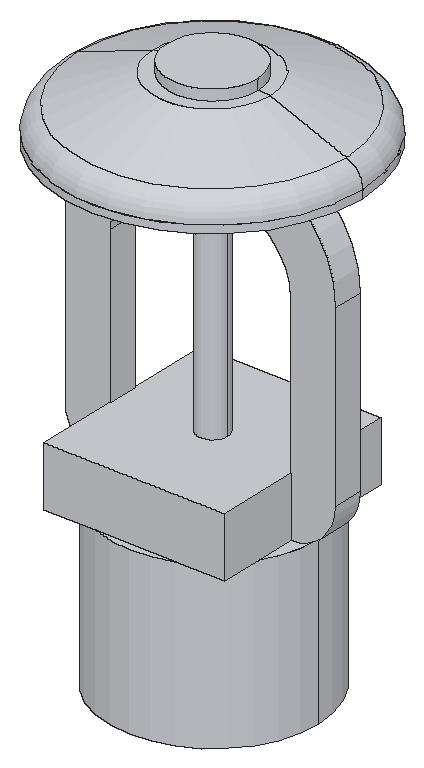
Revit family
Parameters (values of type "RASCO F156 UPRIGHT")
  URL = ""
  Temperature Rating = 155 °F
  Response = (empty or 0)
  RASCO SIN # = "RA1325"
  RASCO Part # = "F56U1C"
  Pressure Rating = "175 PSI"
  Pressure Class = (empty or 0)
  Orifice Size = 1/2"
  Orifice = (empty or 0)
  Model = "F156"
  Manufacturer = "RASCO"
  K-Factor = 5.6
  Description = "Chrome Finish"
  Coverage = (empty or 0)
Reference planes (in)
  plane 1 "Center (Front/Back)": y = 0
  plane 2: z = 0
  plane 3 "Center (Left/Right)": x = 0
Nested families (in)
  nested 1: "F56U1C" at (0, 0, 0), type "RASCO F156 UPRIGHT"
Connectors (in)
  piping at (0, 0, 0)
    settings: on nested 1, index 1, connector radius 55/128", flow factor 0, pipe flow 0 GPM, pressure drop 0.00 psi, fitting loss kfactor 0, connector angle 0.00°, fixture units 0, flow configuration 0, flow direction 0, fitting loss method 0, system type 7, connector reference index -1, connector utility 0, adjustable connector no, is connector primary yes, fitting loss table "", connector description ""
Definition of nested family "F56U1C"
  Parameters (values of type "RASCO F156 UPRIGHT")
    Type Comments = ""
    Temperature Rating = 0 °F
    Response = (empty or 0)
    Pressure Rating = "0"
    Pressure Class = (empty or 0)
    Orifice Size = 0"
    Orifice = (empty or 0)
    Model = ""
    Manufacturer = ""
    K-Factor = 0
    Description = ""
    Coverage = (empty or 0)
    Assembly Code = ""
  Reference planes (in)
    plane 1 "Center (Front/Back)": y = 0
    plane 2: z = 0
    plane 3 "ref.2": z = 0.6875
    plane 4 "ref.3": z = 0.9375
    plane 5: x = -0.38065
    plane 6: x = 0.36935
    plane 7 "ref. side 1": y = 0.06402
    plane 8 "ref. side 2": y = -0.06098
    plane 9 "ref.4": z = 1.875
    plane 10 "ref.5": z = 2.3125
    plane 11 "ref.6": z = 2.4375
  Forms (in)
    Extrusion 1, solid
      sketch origin (0, 0, 0) x (1, 0, 0) y (0, 1, 0)
        loop
          circle (0, 0) r 0.4375
      from 0 to 0.6875
    Extrusion 2, solid
      sketch origin (-0.12185, 0.05177, 0.6875) x (1, 0, 0) y (0, 1, 0)
        loop
          line (-0.2588, 0.356) -> (-0.2588, -0.4565) -> (0.4912, -0.4565) -> (0.4912, 0.356) -> (-0.2588, 0.356)
      from 0 to 0.25
    Extrusion 3, solid
      sketch origin (0, 0, 0) x (1, 0, 0) y (0, 0, 1)
        loop
          line (-0.38065, 0.68754) -> (-0.38065, 1.58397)
          arc (-0.38065, 1.58397) -> (-0.29541, 1.78976) -> (-0.08962, 1.875) r 0.29103
          line (-0.08962, 1.875) -> (0.07524, 1.875)
          arc (0.07524, 1.875) -> (0.28321, 1.78886) -> (0.36935, 1.58089) r 0.29411
          line (0.36935, 1.58089) -> (0.36935, 0.68751)
          arc (0.36935, 0.68751) -> (0.50207, 0.74393) -> (0.55685, 0.87734) r 0.18984
          line (0.55685, 0.87734) -> (0.55685, 1.61676)
          arc (0.55685, 1.61676) -> (0.42629, 1.93194) -> (0.11111, 2.0625) r 0.44574
          line (0.11111, 2.0625) -> (-0.12259, 2.0625)
          arc (-0.12259, 2.0625) -> (-0.43765, 1.932) -> (-0.56815, 1.61694) r 0.44556
          line (-0.56815, 1.61694) -> (-0.56815, 0.87876)
          arc (-0.56815, 0.87876) -> (-0.51345, 0.74486) -> (-0.38065, 0.68754) r 0.19126
      from -0.06402 to 0.06098
    Extrusion 4, solid
      sketch origin (0, 0, 0.9375) x (-1, 0, 0) y (0, -1, 0)
        loop
          circle (0.00574, -0.00152) r 0.0625
      from 0 to 0.9375
    Extrusion 5, solid
      sketch origin (0, 0, 1.875) x (-1, 0, 0) y (0, -1, 0)
        loop
          circle (0.00574, -0.00152) r 0.1875
      from 0 to 0.4375
    Revolve 6, solid
      sketch origin (0, 0, -0.31276) x (1, 0, 0) y (0, 0, 1)
        loop
          line (-0.19324, 2.33367) -> (-0.19324, 2.58367) -> (-0.24995, 2.58367) -> (-0.56395, 2.46314)
          arc (-0.56395, 2.46314) -> (-0.61243, 2.42492) -> (-0.63074, 2.36595) r 0.1041
          line (-0.63074, 2.36595) -> (-0.63074, 2.33367) -> (-0.19324, 2.33367)
        axis (-0.00574, 2.33367) -> (-0.00574, 2.58367)
      angle from 0 to 360
  Cuts and joins
    joined: Extrusion 1, Extrusion 2, Extrusion 4, Revolve 6
  Lines and regions (in)
    model lines
      curve 1: line (-0.00574, 0.06402, 1.875) -> (-0.00574, -0.06098, 1.875)
